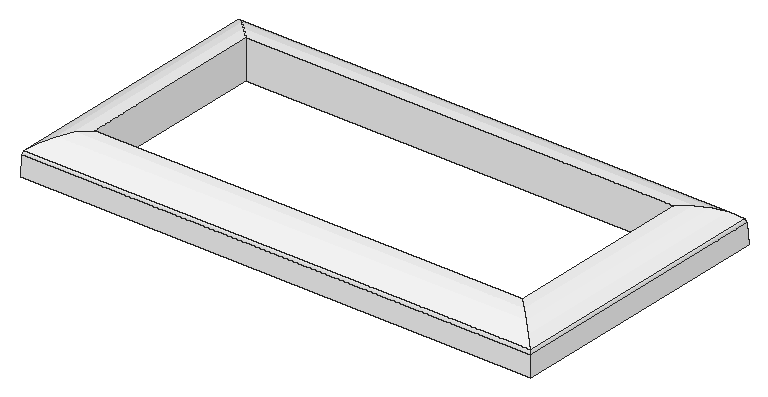
Revit family "Gira_100204", category Electrical Fixtures, host Face, Revit 2017
Family settings
  Host = Face
  Maintain Annotation Orientation = No
  Round Connector Dimension = Use Diameter
  Part Type = Normal
  Cut with Voids When Loaded = No
  Shared = No
  Room Calculation Point = No
Parameters (values of type "Abdeckrahmen 2f o.M. Standard 55 Reinweiß m")
  Werkstoffgüte = "Thermoplast"
  Werkstoff = "Kunststoff"
  URL = "http://katalog.gira.de/de_DE/datenblatt.html?artikelnr=100204"
  Transparent = "No"
  Textfeld/Beschriftungsfläche = "No"
  Schutzart (IP) = "IP20"
  Region = "DE"
  RAL-Nummer (ähnlich) = "9010 "
  Oberfläche = "sonstige"
  Name = "Abdeckrahmen 2f o.M. Standard 55 Reinweiß m"
  Montagerichtung = "horizontal und vertikal"
  Mit Montagerahmen = "No"
  Mit Klappdeckel = "No"
  Manufacturer URL = "https://www.gira.de/"
  Keynote = "Std55_Rahmen_2fach o. Mittelsteg"
  HeinzeBIM = "https://bimportal.heinze.de/bim/abdeckrahmen-2f-o-m-standard-55-reinweiss-m/ccfb680b1bdcab1f5a111d0c198cb7225d1dabfe"
  Halogenfrei = "Yes"
  HAN = "100204"
  Geeignet für Unterputz-Installation = "Yes"
  Geeignet für Unterflurkanaldose = "No"
  Geeignet für Geräteeinbaukanal = "No"
  Geeignet für Einbauinstallation = "No"
  GTIN = "4010337002048"
  Farbe = "weiß"
  Default Elevation = 1219.2 mm
  Data sheet (1) = "https://katalog.gira.de/de_DE/download.html?artikelnr=100204"
  Category = "Abdeckrahmen"
  Befestigungsart = "Klemmbefestigung"
  Available = "Yes"
  Ausführung der Oberfläche = "matt"
  Anzahl der Einheiten vertikal = "2 "
  Anzahl der Einheiten horizontal = "2 "
  Anzahl der Einheiten = "2 "
Reference planes
  plane 1 "Center (Front/Back)": y = 0
  plane 2: z = 0
  plane 3 "Center (Left/Right)": x = 0
  plane 4: y = -75.9
  plane 5: y = 75.9
  plane 6: x = -40.3
  plane 7: x = 40.3
Forms (mm)
  Sweep 1, solid, material "White", detail levels fine
    path origin (0, 0, 0) x (0, -1, 0) y (1, 0, 0)
      loop
        line (40.3, 75.9) -> (-40.3, 75.9) -> (-40.3, -75.9) -> (40.3, -75.9) -> (40.3, 75.9)
    profile origin (75.9, 0, 0) x (-1, 0, 0) y (0, 0, 1)
      loop
        arc (12.22, 11.373) -> (5.983, 10.294) -> (0.641, 6.901) r 16.145
        arc (0.641, 6.901) -> (0.395, 6.426) -> (0.309, 5.898) r 1.694
        line (0.309, 5.898) -> (0, 0) -> (12.319, 0) -> (12.22, 11.373)
  Extrusion 2, solid, material "White", detail levels coarse+medium
    sketch origin (0, 0, 0) x (0, -1, 0) y (1, 0, 0)
      loop
        line (40.3, 75.9) -> (-40.3, 75.9) -> (-40.3, -75.9) -> (40.3, -75.9) -> (40.3, 75.9)
    from 0 to 11.373
Dimensions and locks
  aligned and locked: plane 2 to host face
  aligned and locked: level to host face
